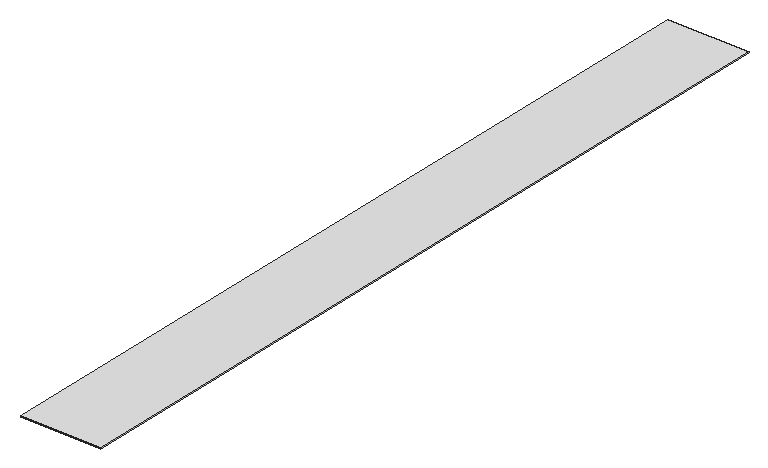
Revit family "Faixa de pedestre", category Parking, Revit 2016
Family settings
  Work Plane-Based = No
  Always vertical = No
  Cut with Voids When Loaded = No
  Shared = No
Parameters (values of type "Faixa de pedestre")
  Padrão = yes
  Faixa de estacionamento = Pintura faixa de pedestre
  Largura = 600 cm
  Altura = 60 cm
Types (2, lengths in cm): name | Largura | Altura
  Faixa de pedestre | 600 | 60
  Faixa pista de rolamento | 300 | 15
Reference planes (cm)
  plane 1 "Center (Front/Back)": y = 0
  plane 2: z = 0
  plane 3 "Center (Left/Right)": x = 0
  plane 4: y = -600
  plane 5: x = 60
Forms (cm)
  Extrusion 1, solid, material "Pintura faixa de pedestre" <- "Faixa de estacionamento", visible <- "Padrão"
    sketch origin (0, 0, 0) x (1, 0, 0) y (0, 1, 0)
      loop
        line (60, 0) -> (0, 0) -> (0, -600) -> (60, -600) -> (60, 0)
    from 0 to 0.5
Dimensions and locks (cm)
  "Largura": plane 1 "Center (Front/Back)" to plane 4
  "Altura": plane 3 "Center (Left/Right)" to plane 5
  aligned and locked: Extrusion 1 sketch curve to plane 1 "Center (Front/Back)"
  aligned and locked: Extrusion 1 sketch curve to plane 5
  aligned and locked: Extrusion 1 sketch curve to plane 3 "Center (Left/Right)"
  aligned and locked: Extrusion 1 sketch curve to plane 4
